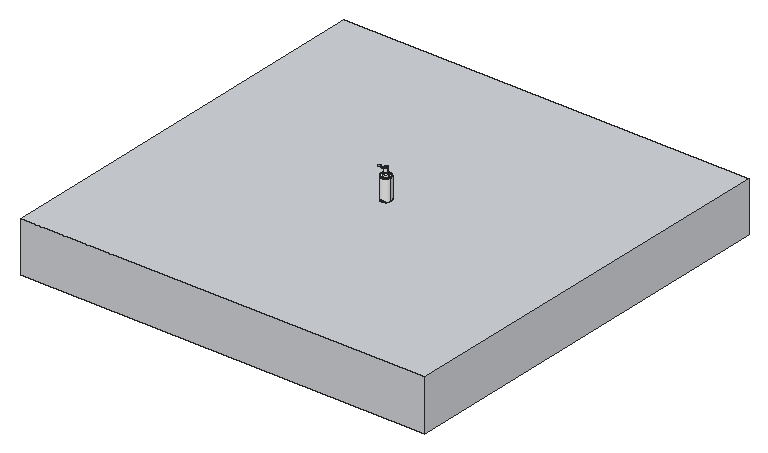
Revit family
Parameters (values of type "Metal-CP-Polished_Chrome")
  Width [instance] = 0' - 3 5/32"
  URL = "http://www.us.kohler.com"
  Product Page URL = "http://www.us.kohler.com/onlinecatalog/detail.jsp?prod_num=14379"
  Product Documentation Link = "http://www.us.kohler.com/onlinecatalog/pdf/1156289_4.pdf"
  Model = "K-14379"  # constant formula
  Manufacturer = "Kohler"  # constant formula
  Length [instance] = 0' - 6 29/32"
  Height [instance] = 0' - 2 3/8"
  Finish = Metal-Kohler-CP-Polished Chrome
  Description = "Purist countertop soap/lotion dispenser"  # constant formula
  Default Elevation = 0' - 0"
  Created By = "http://medialab3dstudio.com"
  Assembly Code = "C1030200"
Types (7): name | Finish
  (no name) | Metal-Kohler-CP-Polished Chrome
  Metal-AF-Vibrant_French_Gold | Metal-Kohler-AF-Vibrant French Gold
  Metal-BGD-Vibrant_Moderne_Brushed_Gold | Metal-Kohler-BGD-Vibrant Moderne Brushed Gold
  Metal-BN-Vibrant_Brushed_Nickel | Metal-Kohler-BN-Vibrant Brushed Nickel
  Metal-BV-Vibrant_Brushed_Bronze | Metal-Kohler-BV-Vibrant Brushed Bronze
  Metal-CP-Polished_Chrome | Metal-Kohler-CP-Polished Chrome
  Metal-SN-Vibrant_Polished_Nickel | Metal-Kohler-SN-Vibrant Polished Nickel
Reference planes (in)
  plane 1 "Center (Front/Back)": y = 0
  plane 2 "Back": z = 0
  plane 3 "Center (Left/Right)": x = 0
  plane 4 "Left": x = -1.57812
  plane 5 "Right": x = 1.57812
  plane 6 "Top": y = 1.1875
  plane 7 "Bottom": y = -1.1875
  plane 8 "Front": z = 6.90625
Forms (in)
  Extrusion 1, solid
    sketch origin (0, 0, 0) x (1, 0, 0) y (0, 1, 0)
      loop
        line (-48, 48) -> (-48, -48) -> (48, -48) -> (48, 48) -> (-48, 48)
    from 0 to -12
Dimensions and locks (in)
  equal spacing: plane 4 "Left", plane 3 "Center (Left/Right)", plane 5 "Right", locked at 1.57812 each
  "Width": plane 4 "Left" to plane 5 "Right"
  equal spacing: plane 6 "Top", plane 1 "Center (Front/Back)", plane 7 "Bottom", locked at 1.1875 each
  "Height": plane 6 "Top" to plane 7 "Bottom"
  "Length": plane 8 "Front" to plane 2 "Back"
  aligned and locked: plane 2 "Back" to Extrusion 1
  aligned and locked: level to Extrusion 1
Automatic sketch dimensions
  Extrusion 1 sketch curve to Extrusion 1 sketch curve = 8' - 0"  (x2)
Nested families (in)
  nested 1: "14379-Base" at (0, 0, 0), type "14379-Base"
Definition of nested family "14379-Base"
  Parameters (values of type "14379-Base")
    Finish = Metal-Kohler-CP-Polished Chrome
    Assembly Code = ""
  Reference planes (in)
    plane 1 "Center (Front/Back)": y = 0
    plane 2 "bo": z = 0
    plane 3 "Center (Left/Right)": x = 0
    plane 4 "Left": x = -1.57812
    plane 5 "Right": x = 1.57813
    plane 6 "Back": y = 1.1875
    plane 7 "Front": y = -1.1875
    plane 8 "Top": z = 6.90625
  Forms (in)
    Revolve 1, solid, material "Metal-Kohler-CP-Polished Chrome" <- "Finish", detail levels fine
      sketch origin (0, 0, 0) x (1, 0, 0) y (0, 0, 1)
        loop
          line (0.39406, 0) -> (0.39406, 6.89083) -> (0.02118, 6.89083)
          arc (0.02118, 6.89083) -> (0.00732, 6.88509) -> (0.00158, 6.87122) r 0.0196
          line (0.00158, 6.87122) -> (0.00158, 5.9531) -> (0.07886, 5.9531) -> (0.07886, 5.68835)
          arc (0.07886, 5.68835) -> (0.06751, 5.66095) -> (0.04012, 5.64961) r 0.03874
          line (0.04012, 5.64961) -> (-0.15598, 5.64961)
          arc (-0.15598, 5.64961) -> (-0.18442, 5.63783) -> (-0.1962, 5.60939) r 0.04022
          line (-0.1962, 5.60939) -> (-0.1962, 5.11768) -> (-0.76587, 5.11768)
          arc (-0.76587, 5.11768) -> (-0.78012, 5.11178) -> (-0.78602, 5.09753) r 0.02015
          line (-0.78602, 5.09753) -> (-0.78602, 5.01698)
          arc (-0.78602, 5.01698) -> (-0.77984, 5.00047) -> (-0.78592, 4.98392) r 0.02535
          line (-0.78592, 4.98392) -> (-0.78571, 0.1378)
          arc (-0.78571, 0.1378) -> (-0.77967, 0.12021) -> (-0.78632, 0.10286) r 0.02724
          line (-0.78632, 0.10286) -> (-0.78632, 0.01971)
          arc (-0.78632, 0.01971) -> (-0.78055, 0.00577) -> (-0.76662, 0) r 0.01971
          line (-0.76662, 0) -> (0.39406, 0)
        axis (0.39406, 0) -> (0.39406, 6.89083)
      angle from 0 to 360
    Revolve 2, solid, material "Metal-Kohler-CP-Polished Chrome" <- "Finish", detail levels fine
      sketch origin (0, 0, 0) x (1, 0, 0) y (0, 0, 1)
        loop
          line (-1.57812, 6.62205) -> (0.39734, 6.62205) -> (0.39734, 6.70976) -> (-1.57812, 6.72047) -> (-1.57812, 6.62205)
        axis (-1.57812, 6.62205) -> (0.39734, 6.62205)
      angle from 0 to 360
    Extrusion 3, void
      sketch origin (0, 0, 0) x (1, 0, 0) y (0, 0, 1)
        loop
          line (-1.60924, 6.77436) -> (-1.60924, 6.46488) -> (-1.43056, 6.46488) -> (-1.60924, 6.77436)
      from -0.39244 to 0.39169
    Extrusion 4, solid, material "Metal-Kohler-CP-Polished Chrome" <- "Finish", detail levels coarse+medium
      sketch origin (0, 0, 0) x (1, 0, 0) y (0, 1, 0)
        loop
          line (-1.57812, 1.1875) -> (-1.57812, -1.1875) -> (1.57813, -1.1875) -> (1.57813, 1.1875) -> (-1.57812, 1.1875)
      from 0 to 6.90625
  Cuts and joins
    Extrusion 3 cuts Revolve 2
    joined: Revolve 1, Revolve 2
  Lines and regions (in)
    Masking region 1, detail levels coarse
      outline origin (0, 0, 0) x (1, 0, 0) y (0, 1, 0)
        loop
          line (-1.57812, 1.1875) -> (-1.57812, -1.1875) -> (1.57813, -1.1875) -> (1.57813, 1.1875) -> (-1.57812, 1.1875)
    Masking region 2, detail levels medium+fine
      outline origin (0, 0, 0) x (1, 0, 0) y (0, 1, 0)
        loop
          line (-0.78226, 0.09413) -> (-1.52215, 0.09873)
          arc (-1.52215, 0.09873) -> (-1.57887, -0.00003) -> (-1.52215, -0.09879) r 0.11433
          line (-1.52215, -0.09879) -> (-0.78226, -0.09412)
          arc (-0.78226, -0.09412) -> (1.57414, -0.00001) -> (-0.78226, 0.09413) r 1.18008
    Masking region 3, detail levels coarse
      outline origin (0, 0, 0) x (1, 0, 0) y (0, 0, 1)
        loop
          line (-1.57812, 6.90625) -> (-1.57812, 0) -> (1.57813, 0) -> (1.57813, 6.90625) -> (-1.57812, 6.90625)
    Masking region 4, detail levels medium+fine
      outline origin (0, 0, 0) x (1, 0, 0) y (0, 0, 1)
        loop
          line (-0.79, 0.10286) -> (-0.79, 0.01971)
          arc (-0.79, 0.01971) -> (-0.78423, 0.00577) -> (-0.7703, 0) r 0.01971
          line (-0.7703, 0) -> (1.55842, 0)
          arc (1.55842, 0) -> (1.57235, 0.00577) -> (1.57812, 0.01971) r 0.01971
          line (1.57812, 0.01971) -> (1.57812, 0.10286)
          arc (1.57812, 0.10286) -> (1.57148, 0.12021) -> (1.57751, 0.1378) r 0.02724
          line (1.57751, 0.1378) -> (1.57772, 4.99935)
          arc (1.57772, 4.99935) -> (1.57165, 5.01589) -> (1.57783, 5.0324) r 0.02535
          line (1.57783, 5.0324) -> (1.57783, 5.11295)
          arc (1.57783, 5.11295) -> (1.57192, 5.1272) -> (1.55767, 5.13311) r 0.02015
          line (1.55767, 5.13311) -> (0.98432, 5.13311) -> (0.98432, 5.62481)
          arc (0.98432, 5.62481) -> (0.97254, 5.65325) -> (0.9441, 5.66503) r 0.04022
          line (0.9441, 5.66503) -> (0.748, 5.66503)
          arc (0.748, 5.66503) -> (0.72061, 5.67638) -> (0.70926, 5.70377) r 0.03874
          line (0.70926, 5.70377) -> (0.70926, 5.96852) -> (0.78654, 5.96852) -> (0.78654, 6.88665)
          arc (0.78654, 6.88665) -> (0.7808, 6.90051) -> (0.76694, 6.90625) r 0.0196
          line (0.76694, 6.90625) -> (0.02118, 6.90625)
          arc (0.02118, 6.90625) -> (0.00732, 6.90051) -> (0.00158, 6.88665) r 0.0196
          line (0.00158, 6.88665) -> (0.00158, 6.72733) -> (-1.57812, 6.73589) -> (-1.46408, 6.53837) -> (0.00158, 6.54761) -> (0.00158, 5.96852) -> (0.07886, 5.96852) -> (0.07886, 5.70377)
          arc (0.07886, 5.70377) -> (0.06751, 5.67638) -> (0.04012, 5.66503) r 0.03874
          line (0.04012, 5.66503) -> (-0.15598, 5.66503)
          arc (-0.15598, 5.66503) -> (-0.18442, 5.65325) -> (-0.1962, 5.62481) r 0.04022
          line (-0.1962, 5.62481) -> (-0.1962, 5.13311) -> (-0.76955, 5.13311)
          arc (-0.76955, 5.13311) -> (-0.7838, 5.1272) -> (-0.7897, 5.11295) r 0.02015
          line (-0.7897, 5.11295) -> (-0.7897, 5.0324)
          arc (-0.7897, 5.0324) -> (-0.78352, 5.01589) -> (-0.7896, 4.99935) r 0.02535
          line (-0.7896, 4.99935) -> (-0.78939, 0.1378)
          arc (-0.78939, 0.1378) -> (-0.78336, 0.12021) -> (-0.79, 0.10286) r 0.02724
    Masking region 5, detail levels coarse
      outline origin (0, 0, 0) x (0, 1, 0) y (0, 0, 1)
        loop
          line (1.1875, 6.90625) -> (-1.1875, 6.90625) -> (-1.1875, 0) -> (1.1875, 0) -> (1.1875, 6.90625)
    Masking region 6, detail levels medium+fine
      outline origin (0, 0, 0) x (0, 1, 0) y (0, 0, 1)
        loop
          arc (1.1875, 0.10286) -> (1.18085, 0.12021) -> (1.18688, 0.1378) r 0.02724
          line (1.18688, 0.1378) -> (1.18709, 4.99935)
          arc (1.18709, 4.99935) -> (1.18102, 5.01589) -> (1.1872, 5.0324) r 0.02535
          line (1.1872, 5.0324) -> (1.1872, 5.11295)
          arc (1.1872, 5.11295) -> (1.1813, 5.1272) -> (1.16705, 5.13311) r 0.02015
          line (1.16705, 5.13311) -> (0.5904, 5.13311) -> (0.5904, 5.62481)
          arc (0.5904, 5.62481) -> (0.57862, 5.65325) -> (0.55019, 5.66503) r 0.04022
          line (0.55019, 5.66503) -> (0.35409, 5.66503)
          arc (0.35409, 5.66503) -> (0.32669, 5.67638) -> (0.31534, 5.70377) r 0.03874
          line (0.31534, 5.70377) -> (0.31534, 5.96852) -> (0.39263, 5.96852) -> (0.39263, 6.88665)
          arc (0.39263, 6.88665) -> (0.38688, 6.90051) -> (0.37302, 6.90625) r 0.0196
          line (0.37302, 6.90625) -> (-0.38, 6.90625)
          arc (-0.38, 6.90625) -> (-0.39386, 6.90051) -> (-0.3996, 6.88665) r 0.0196
          line (-0.3996, 6.88665) -> (-0.3996, 5.96852) -> (-0.32232, 5.96852) -> (-0.32232, 5.70377)
          arc (-0.32232, 5.70377) -> (-0.33366, 5.67638) -> (-0.36106, 5.66503) r 0.03874
          line (-0.36106, 5.66503) -> (-0.55716, 5.66503)
          arc (-0.55716, 5.66503) -> (-0.5856, 5.65325) -> (-0.59738, 5.62481) r 0.04022
          line (-0.59738, 5.62481) -> (-0.59738, 5.13311) -> (-1.16705, 5.13311)
          arc (-1.16705, 5.13311) -> (-1.1813, 5.1272) -> (-1.1872, 5.11295) r 0.02015
          line (-1.1872, 5.11295) -> (-1.1872, 5.0324)
          arc (-1.1872, 5.0324) -> (-1.18102, 5.01589) -> (-1.18709, 4.99935) r 0.02535
          line (-1.18709, 4.99935) -> (-1.18688, 0.1378)
          arc (-1.18688, 0.1378) -> (-1.18085, 0.12021) -> (-1.1875, 0.10286) r 0.02724
          line (-1.1875, 0.10286) -> (-1.1875, 0.01971)
          arc (-1.1875, 0.01971) -> (-1.18173, 0.00577) -> (-1.16779, 0) r 0.01971
          line (-1.16779, 0) -> (1.16779, 0)
          arc (1.16779, 0) -> (1.18173, 0.00577) -> (1.1875, 0.01971) r 0.01971
          line (1.1875, 0.01971) -> (1.1875, 0.10286)
    symbolic lines, style "Masking Lines", detail levels fine
      curve 1: line (-0.78226, 0.09413, 0) -> (0.01194, 0.08959, 0)
      curve 2: line (-0.78226, -0.09412, 0) -> (0.01194, -0.08986, 0)
      curve 3: arc (0.01194, 0.08959, 0) -> (0.78654, -0.00014, 0) -> (0.01194, -0.08986, 0) r 0.3925
      curve 4: arc (0.01194, 0.08959, 0) -> (0.00155, -0.00014, 0) -> (0.01194, -0.08986, 0) r 0.3925
      curve 5: arc (-0.18918, 0.09074, 0) -> (0.98432, 0.0001, 0) -> (-0.18915, -0.09094, 0) r 0.59026
      curve 6: line (1.57812, 0, 0.10286) -> (-0.78632, 0, 0.10286)
      curve 7: line (1.57751, 0, 0.1378) -> (-0.78571, 0, 0.1378)
      curve 8: line (1.57748, 0, 4.99935) -> (-0.78567, 0, 4.99935)
      curve 9: line (1.57783, 0, 5.0324) -> (-0.78602, 0, 5.0324)
      curve 10: line (-0.76587, 0, 5.13311) -> (1.55767, 0, 5.13311)
      curve 11: line (0.03967, 0, 5.66495) -> (0.76185, 0, 5.66495)
      curve 12: line (0.00158, 0, 5.96852) -> (0.78654, 0, 5.96852)
      curve 13: arc (0.00158, 0, 6.72733) -> (0.0124, 0, 6.63747) -> (0.00158, 0, 6.54761) r 0.37835
      curve 14: line (0, 1.1875, 0.10286) -> (0, -1.1875, 0.10286)
      curve 15: line (0, -1.18688, 0.1378) -> (0, 1.18688, 0.1378)
      curve 16: line (0, 1.18709, 4.99935) -> (0, -1.18709, 4.99935)
      curve 17: line (0, -1.1872, 5.0324) -> (0, 1.1872, 5.0324)
      curve 18: line (0, 0.59026, 5.13311) -> (0, -0.59738, 5.13311)
      curve 19: line (0, 0.35409, 5.66503) -> (0, -0.35409, 5.66503)
      curve 20: line (0, 0.31534, 5.96852) -> (0, -0.31534, 5.96852)
      curve 21: spline (-1.57812, -0.00439, 6.7366) -> (-1.57812, -0.03009, 6.72985) -> (-1.57812, -0.05331, 6.71816) -> (-1.57812, -0.0728, 6.70216) -> (-1.57812, -0.08752, 6.6827) -> (-1.57812, -0.09667, 6.66083) -> (-1.57812, -0.09977, 6.63773) -> (-1.57812, -0.09665, 6.61463) -> (-1.57812, -0.08747, 6.59277) -> (-1.57812, -0.07273, 6.57332) -> (-1.57812, -0.05322, 6.55733) -> (-1.57812, -0.02999, 6.54566) -> (-1.57812, -0.00428, 6.53894)
      curve 22: spline (-1.57812, -0.00428, 6.53894) -> (-1.57812, 0.0233, 6.54411) -> (-1.57812, 0.04858, 6.55496) -> (-1.57812, 0.07004, 6.57084) -> (-1.57812, 0.08636, 6.59077) -> (-1.57812, 0.09656, 6.61356) -> (-1.57812, 0.10002, 6.63781) -> (-1.57812, 0.09653, 6.66206) -> (-1.57812, 0.08631, 6.68484) -> (-1.57812, 0.06996, 6.70476) -> (-1.57812, 0.04849, 6.72062) -> (-1.57812, 0.0232, 6.73145) -> (-1.57812, -0.00439, 6.7366)
  Dimensions and locks (in)
    equal spacing: plane 4 "Left", plane 3 "Center (Left/Right)", plane 5 "Right"
    equal spacing: plane 6 "Back", plane 1 "Center (Front/Back)", plane 7 "Front"
    plane 4 "Left" to plane 5 "Right" = 0' - 3 5/32"
    plane 6 "Back" to plane 7 "Front" = 0' - 2 3/8"
    plane 8 "Top" to plane 2 "bo" = 0' - 6 29/32"
    aligned and locked: plane 2 "bo" to level
  Automatic sketch dimensions
    Revolve 1 sketch curve to level = 0' - 0"
    plane 3 "Center (Left/Right)" to Revolve 1 sketch curve = 0' - 0.07886"
    Revolve 1 sketch curve to Revolve 1 sketch curve = 0' - 0.03874"
    plane 3 "Center (Left/Right)" to Revolve 1 sketch curve = 0' - 0.02118"
    plane 3 "Center (Left/Right)" to Revolve 1 sketch curve = 0' - 0.00158"
    Revolve 1 sketch curve to plane 3 "Center (Left/Right)" = 0' - 0.15598"
    Revolve 1 sketch curve to Revolve 1 sketch curve = 0' - 0.04022"
    Revolve 1 sketch curve to Revolve 1 sketch curve = 0' - 0.56967"
    Revolve 1 sketch curve to plane 3 "Center (Left/Right)" = 0' - 0.76662"
    level to Revolve 1 sketch curve = 0' - 0.1378"
    Revolve 1 sketch curve to Revolve 1 sketch curve = 0' - 0.01909"
    Revolve 1 sketch curve to Revolve 1 sketch curve = 0' - 0.02005"
    Revolve 1 sketch curve to Revolve 1 sketch curve = 0' - 0.02015"
    Revolve 1 sketch curve to Revolve 1 sketch curve = 0' - 0.00062"
    Revolve 1 sketch curve to Revolve 1 sketch curve = 0' - 0.01928"
    Revolve 1 sketch curve to Revolve 1 sketch curve = 0' - 0.02059"
    Revolve 1 sketch curve to Revolve 1 sketch curve = 0' - 0.03494"
    Revolve 1 sketch curve to Revolve 1 sketch curve = 0' - 0.01646"
    Revolve 1 sketch curve to Revolve 1 sketch curve = 0' - 0.08055"
    Revolve 2 sketch curve to plane 4 "Left" = 0' - 0"
    Revolve 2 sketch curve to Revolve 2 sketch curve = 0' - 0.10493"
    plane 4 "Left" to Revolve 2 sketch curve = 0' - 0.02325"
    Revolve 2 sketch curve to Revolve 2 sketch curve = 0' - 0"
    Revolve 2 sketch curve to Revolve 2 sketch curve = 0' - 0.08771"
    Revolve 2 sketch curve to Revolve 2 sketch curve = 0' - 0.09843"
    Extrusion 3 sketch curve to plane 4 "Left" = 0' - 0.03111"
    plane 4 "Left" to Extrusion 3 sketch curve = 0' - 0.14757"
    Extrusion 3 sketch curve to Extrusion 3 sketch curve = 0' - 0.30948"
    Revolve 1 sketch curve to level = 0' - 0.58683"
    Revolve 1 sketch curve to Revolve 1 sketch curve = 0' - 0.96845"
    Revolve 1 sketch curve to Revolve 1 sketch curve = 0' - 4.01548"
    Revolve 1 sketch curve to Revolve 1 sketch curve = 0' - 0.49171"
    Revolve 1 sketch curve to Revolve 1 sketch curve = 0' - 0.26475"
    Revolve 1 sketch curve to Revolve 1 sketch curve = 0' - 0.91812"
    level to Revolve 2 sketch curve = 0' - 6.62205"
    level to Extrusion 3 sketch curve = 0' - 6.46488"
    Masking region 1 sketch curve to plane 4 "Left" = 0' - 0"
    Masking region 1 sketch curve to plane 5 "Right" = 0' - 0"
    Masking region 1 sketch curve to plane 7 "Front" = 0' - 0"
    plane 6 "Back" to Masking region 1 sketch curve = 0' - 0"
    Revolve 1 sketch curve to Revolve 1 sketch curve = 0' - 0.37288"
    plane 3 "Center (Left/Right)" to Revolve 1 sketch curve = 0' - 0.39406"
    plane 3 "Center (Left/Right)" to Revolve 2 sketch curve = 0' - 0.39734"
    plane 1 "Center (Front/Back)" to Masking region 2 sketch curve = 0' - 0"
    plane 4 "Left" to Masking region 2 sketch curve = 0' - 0.05598"  (x2)
    plane 1 "Center (Front/Back)" to Masking region 2 sketch curve = 0' - 0.00003"
    plane 4 "Left" to Masking region 2 sketch curve = 0' - 0.11359"
    plane 1 "Center (Front/Back)" to Masking region 2 sketch curve = 0' - 0.09412"
    Masking region 2 sketch curve to plane 1 "Center (Front/Back)" = 0' - 0.09413"
    Masking region 2 sketch curve to Masking region 2 sketch curve = 0' - 0"
    plane 3 "Center (Left/Right)" to Masking region 2 sketch curve = 0' - 0.39406"
    plane 1 "Center (Front/Back)" to Masking region 2 sketch curve = 0' - 0.09879"
    curve 3 to curve 4 = 0' - 0"
    plane 1 "Center (Front/Back)" to curve 5 = 0' - 0"
    plane 1 "Center (Front/Back)" to curve 2 = 0' - 0.09412"
    curve 1 to plane 1 "Center (Front/Back)" = 0' - 0.09413"
    curve 2 to curve 1 = 0' - 0"
    curve 5 to plane 3 "Center (Left/Right)" = 0' - 0.18918"
    plane 1 "Center (Front/Back)" to curve 5 = 0' - 0.09094"
    curve 5 to curve 5 = 0' - 0.00003"
    plane 3 "Center (Left/Right)" to curve 4 = 0' - 0.01194"
    plane 3 "Center (Left/Right)" to curve 2 = 0' - 0.01194"
    plane 1 "Center (Front/Back)" to curve 4 = 0' - 0.00014"
    curve 1 to curve 4 = 0' - 0.38211"
    curve 4 to curve 5 = 0' - 0"
    Masking region 3 sketch curve to plane 4 "Left" = 0' - 0"
    Masking region 3 sketch curve to plane 5 "Right" = 0' - 0"
    Masking region 3 sketch curve to level = 0' - 0"
    plane 8 "Top" to Masking region 3 sketch curve = 0' - 0"
    Masking region 4 sketch curve to plane 4 "Left" = 0' - 0"
    Masking region 4 sketch curve to level = 0' - 0"
    Masking region 4 sketch curve to plane 8 "Top" = 0' - 0"
    plane 5 "Right" to Masking region 4 sketch curve = 0' - 0"
    plane 4 "Left" to Masking region 4 sketch curve = 0' - 0.11404"
    level to Masking region 4 sketch curve = 0' - 0.1207"
    plane 4 "Left" to Masking region 4 sketch curve = 0' - 0.76753"
    plane 4 "Left" to Masking region 4 sketch curve = 0' - 0.76925"
    level to Masking region 4 sketch curve = 0' - 0.01971"
    Masking region 4 sketch curve to Masking region 4 sketch curve = 0' - 0.02059"
    Masking region 4 sketch curve to Masking region 4 sketch curve = 0' - 0.01917"
    Masking region 4 sketch curve to Masking region 4 sketch curve = 0' - 0.01928"
    Masking region 4 sketch curve to Masking region 4 sketch curve = 0' - 0.02121"
    Masking region 4 sketch curve to Masking region 4 sketch curve = 0' - 0.02015"
    Masking region 4 sketch curve to plane 3 "Center (Left/Right)" = 0' - 0.1962"
    Masking region 4 sketch curve to Masking region 4 sketch curve = 0' - 0.04022"  (x2)
    plane 3 "Center (Left/Right)" to Masking region 4 sketch curve = 0' - 0.00158"  (x2)
    Masking region 4 sketch curve to plane 8 "Top" = 0' - 0.0196"  (x2)
    plane 3 "Center (Left/Right)" to Masking region 4 sketch curve = 0' - 0.04012"
    Masking region 4 sketch curve to Masking region 4 sketch curve = 0' - 0.07728"
    Masking region 4 sketch curve to Masking region 4 sketch curve = 0' - 0.6304"
    Masking region 4 sketch curve to Masking region 4 sketch curve = 0' - 0.03874"
    Masking region 4 sketch curve to Masking region 4 sketch curve = 0' - 0.74576"
    Masking region 4 sketch curve to Masking region 4 sketch curve = 0' - 0.1961"
    plane 5 "Right" to Masking region 4 sketch curve = 0' - 0.02045"
    plane 5 "Right" to Masking region 4 sketch curve = 0' - 0.01971"
    plane 5 "Right" to Masking region 4 sketch curve = 0' - 0.00062"
    plane 5 "Right" to Masking region 4 sketch curve = 0' - 0.00041"
    plane 5 "Right" to Masking region 4 sketch curve = 0' - 0.0003"
    Masking region 4 sketch curve to plane 5 "Right" = 0' - 0.01887"
    Masking region 4 sketch curve to plane 5 "Right" = 0' - 0.02059"
    Masking region 4 sketch curve to Masking region 4 sketch curve = 0' - 0.08315"
    Masking region 4 sketch curve to Masking region 4 sketch curve = 0' - 0.01784"  (x2)
    Masking region 4 sketch curve to plane 8 "Top" = 0' - 1.9069"  (x2)
    Masking region 4 sketch curve to Masking region 4 sketch curve = 0' - 0.01646"  (x2)
    Masking region 4 sketch curve to Masking region 4 sketch curve = 0' - 0.08055"  (x2)
    Masking region 4 sketch curve to Masking region 4 sketch curve = 0' - 0.49171"  (x2)
    Masking region 4 sketch curve to Masking region 4 sketch curve = 0' - 0.26475"  (x2)
    Masking region 4 sketch curve to plane 8 "Top" = 0' - 0.36788"
    Masking region 4 sketch curve to Masking region 4 sketch curve = 0' - 0.33904"
    Masking region 4 sketch curve to Masking region 4 sketch curve = 0' - 0.15932"
    Masking region 4 sketch curve to plane 8 "Top" = 0' - 0.17036"
    Masking region 4 sketch curve to Masking region 4 sketch curve = 0' - 0.0196"
    plane 5 "Right" to curve 6 = 0' - 0"
    plane 5 "Right" to curve 9 = 0' - 0.0003"
    plane 5 "Right" to curve 7 = 0' - 0.00062"
    plane 5 "Right" to curve 8 = 0' - 0.00065"
    plane 5 "Right" to curve 10 = 0' - 0.02045"
    plane 3 "Center (Left/Right)" to curve 12 = 0' - 0.78654"
    curve 11 to curve 12 = 0' - 0.0247"
    plane 3 "Center (Left/Right)" to curve 11 = 0' - 0.03967"
    plane 3 "Center (Left/Right)" to curve 13 = 0' - 0.00158"  (x2)
    plane 3 "Center (Left/Right)" to curve 12 = 0' - 0.00158"
    curve 13 to plane 3 "Center (Left/Right)" = 0' - 0.36595"
    curve 10 to plane 3 "Center (Left/Right)" = 0' - 0.76587"
    curve 8 to curve 10 = 0' - 0.0198"
    level to curve 7 = 0' - 0.1378"
    curve 7 to plane 3 "Center (Left/Right)" = 0' - 0.78571"
    curve 9 to curve 8 = 0' - 0.00035"
    curve 6 to curve 7 = 0' - 0.00062"
    curve 6 to curve 7 = 0' - 0.03494"
    curve 8 to plane 8 "Top" = 0' - 1.9069"
    curve 8 to curve 9 = 0' - 0.03305"
    curve 9 to curve 10 = 0' - 0.1007"
    curve 10 to curve 11 = 0' - 0.53185"
    curve 11 to curve 12 = 0' - 0.30357"
    curve 13 to plane 8 "Top" = 0' - 0.35864"
    curve 13 to plane 8 "Top" = 0' - 0.26878"
    Masking region 5 sketch curve to plane 7 "Front" = 0' - 0"
    plane 6 "Back" to Masking region 5 sketch curve = 0' - 0"
    Masking region 5 sketch curve to level = 0' - 0"
    plane 8 "Top" to Masking region 5 sketch curve = 0' - 0"
    Masking region 6 sketch curve to plane 7 "Front" = 0' - 0"
    Masking region 6 sketch curve to level = 0' - 0"
    Masking region 6 sketch curve to plane 8 "Top" = 0' - 0"
    Masking region 6 sketch curve to plane 6 "Back" = 0' - 0"
    Masking region 6 sketch curve to plane 7 "Front" = 0' - 0.01887"
    Masking region 6 sketch curve to plane 7 "Front" = 0' - 0.02059"
    plane 7 "Front" to Masking region 6 sketch curve = 0' - 0.0003"
    plane 7 "Front" to Masking region 6 sketch curve = 0' - 0.00041"
    plane 7 "Front" to Masking region 6 sketch curve = 0' - 0.00062"
    plane 7 "Front" to Masking region 6 sketch curve = 0' - 0.01971"
    plane 7 "Front" to Masking region 6 sketch curve = 0' - 0.02045"
    Masking region 6 sketch curve to Masking region 6 sketch curve = 0' - 0.56967"
    Masking region 6 sketch curve to Masking region 6 sketch curve = 0' - 0.04022"  (x2)
    Masking region 6 sketch curve to Masking region 6 sketch curve = 0' - 0.15756"
    Masking region 6 sketch curve to Masking region 6 sketch curve = 0' - 0.0196"
    Masking region 6 sketch curve to Masking region 6 sketch curve = 0' - 0.1961"  (x2)
    Masking region 6 sketch curve to Masking region 6 sketch curve = 0' - 0.03874"  (x2)
    Masking region 6 sketch curve to plane 1 "Center (Front/Back)" = 0' - 0.31534"
    Masking region 6 sketch curve to plane 1 "Center (Front/Back)" = 0' - 0.37302"
    Masking region 6 sketch curve to Masking region 6 sketch curve = 0' - 0.07728"
    Masking region 6 sketch curve to plane 6 "Back" = 0' - 0.02045"
    Masking region 6 sketch curve to plane 6 "Back" = 0' - 0.01971"
    Masking region 6 sketch curve to plane 6 "Back" = 0' - 0.00062"
    Masking region 6 sketch curve to plane 6 "Back" = 0' - 0.00041"
    Masking region 6 sketch curve to plane 6 "Back" = 0' - 0.0003"
    plane 6 "Back" to Masking region 6 sketch curve = 0' - 0.01887"
    plane 6 "Back" to Masking region 6 sketch curve = 0' - 0.02059"
    Masking region 6 sketch curve to Masking region 6 sketch curve = 0' - 0.08315"  (x2)
    Masking region 6 sketch curve to Masking region 6 sketch curve = 0' - 0.01784"  (x2)
    Masking region 6 sketch curve to plane 8 "Top" = 0' - 1.9069"  (x2)
    Masking region 6 sketch curve to Masking region 6 sketch curve = 0' - 0.01646"  (x2)
    Masking region 6 sketch curve to Masking region 6 sketch curve = 0' - 0.08055"  (x2)
    Masking region 6 sketch curve to Masking region 6 sketch curve = 0' - 0.49171"  (x2)
    Masking region 6 sketch curve to Masking region 6 sketch curve = 0' - 0.26475"  (x2)
    curve 14 to plane 7 "Front" = 0' - 0"
    curve 14 to plane 6 "Back" = 0' - 0"
    plane 7 "Front" to curve 17 = 0' - 0.0003"
    plane 7 "Front" to curve 16 = 0' - 0.00041"
    plane 7 "Front" to curve 15 = 0' - 0.00062"
    plane 7 "Front" to curve 18 = 0' - 0.59012"
    plane 1 "Center (Front/Back)" to curve 19 = 0' - 0.35409"
    curve 19 to curve 20 = 0' - 0.03874"
    curve 20 to plane 1 "Center (Front/Back)" = 0' - 0.31534"
    curve 20 to curve 19 = 0' - 0.03874"
    curve 19 to curve 18 = 0' - 0.23617"
    curve 15 to plane 6 "Back" = 0' - 0.00062"
    curve 16 to plane 6 "Back" = 0' - 0.00041"
    curve 17 to plane 6 "Back" = 0' - 0.0003"
    level to curve 14 = 0' - 0.10286"
    curve 14 to curve 15 = 0' - 0.03494"
    curve 16 to plane 8 "Top" = 0' - 1.9069"
    curve 16 to curve 17 = 0' - 0.03305"
    curve 17 to curve 18 = 0' - 0.1007"
    curve 18 to curve 19 = 0' - 0.53192"
    curve 19 to curve 20 = 0' - 0.30349"
    plane 1 "Center (Front/Back)" to curve 22 = 0' - 0.01456"
    plane 1 "Center (Front/Back)" to curve 21 = 0' - 0.00439"
    plane 1 "Center (Front/Back)" to curve 21 = 0' - 0.00428"
    curve 21 to plane 1 "Center (Front/Back)" = 0' - 0.01618"
    curve 21 to curve 22 = 0' - 0.08384"
    curve 22 to plane 8 "Top" = 0' - 0.36731"
    curve 21 to curve 22 = 0' - 0.09883"
    curve 22 to curve 21 = 0' - 0"
    Extrusion 4 sketch curve to plane 4 "Left" = 0' - 0"
    Extrusion 4 sketch curve to plane 5 "Right" = 0' - 0"
    Extrusion 4 sketch curve to plane 7 "Front" = 0' - 0"
    plane 6 "Back" to Extrusion 4 sketch curve = 0' - 0"
